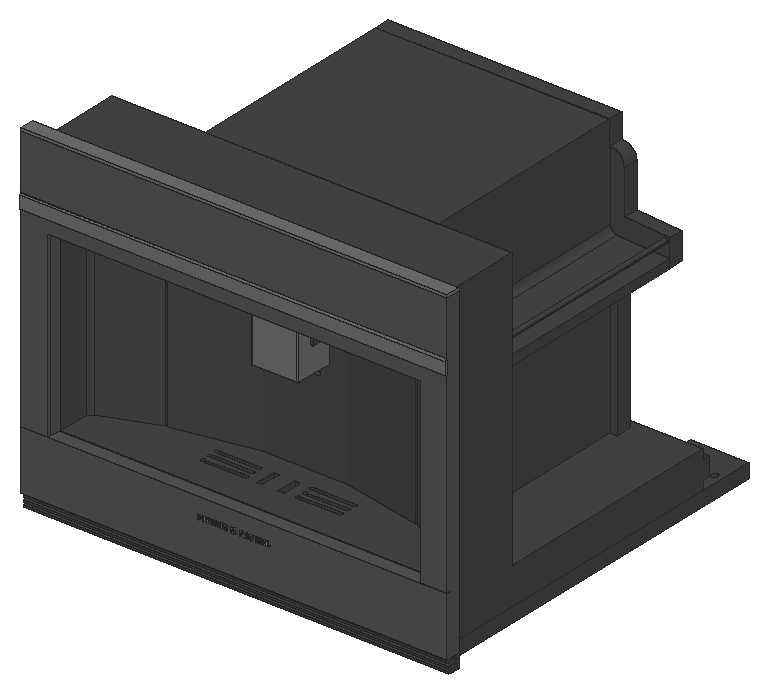
Revit family "FP_Revit_18_EB24DSXBB1_w_TK480NDB1_Coffee_Maker_w_24in_Trimkit_90000808A", category Specialty Equipment, Revit 2018
Family settings
  Round Connector Dimension = Use Diameter
  Part Type = Normal
  OmniClass Number = 23.40.40.14.17.31
  OmniClass Title = Small Specialized Cooking Equipment
  Work Plane-Based = No
  Always vertical = Yes
  Cut with Voids When Loaded = Yes
  Shared = No
  Room Calculation Point = No
Parameters (values of type "EB24DSXBB1 + TK480NDB1")
  Visibility - Clearance Required = yes
  URL = "www.fisherpaykel.com"
  Product - Width = 596 mm  # constant formula
  Product - Height = 478 mm  # constant formula
  Product - Depth = 614 mm  # constant formula
  Model = "EB24DSXBB1 + TK480NDB1"
  Material - Trim = Fisher & Paykel - Aluminium, Dark
  Material - Glass = Fisher & Paykel - Glass, Black
  Material - Body = Fisher & Paykel - Black
  Manufacturer = "Fisher & Paykel Appliances"
  FFL Offset [instance] = 900 mm
  Description = "24\" Coffee Maker + 24\" Trimkit"
  Connector Description - Electrical = "120 V, 60 Hz, 11.25 A"
  Chassis - Width = 560 mm  # constant formula
  Chassis - Height = 466 mm  # constant formula
  Chassis - Depth = 542 mm  # constant formula
  Cavity - Width = 560 mm  # constant formula
  Cavity - Height = 480 mm  # constant formula
  Cavity - Depth = 560 mm  # constant formula
Reference planes
  plane 1 "Datum": y = 0
  plane 2: z = 0
  plane 3 "Center (Left/Right)": x = 0
  plane 4: z = 1380
  plane 5: z = 1378
  plane 6 "Product LHS": x = -298
  plane 7 "Product RHS": x = 298
  plane 8 "Product - Depth": y = 0
  plane 9 "Cavity LHS": x = -300
  plane 10 "Cavity RHS": x = 300
  plane 11 "Cavity - Depth": y = 560
  plane 12 "Chassis - Height": z = 0
  plane 13 "Product Depth": y = 542
  plane 14 "FFL Offset": z = 900
  plane 15 "Front": y = -21.5
Forms (mm)
  Extrusion 1, void
    sketch origin (0, 0, 0) x (0, 1, 0) y (0, 0, 1)
      loop
        line (-21.5, 1380) -> (-21.5, 900) -> (0, 900) -> (0, 1380) -> (-21.5, 1380)
    from -300 to 300
  Extrusion 2, void
    sketch origin (0, 0, 0) x (0, 1, 0) y (0, 0, 1)
      loop
        line (560, 1380) -> (0, 1380) -> (0, 900) -> (560, 900) -> (560, 1380)
    from -280 to 280
Text (mm)
  text "Due to ongoing product development, product details are subject to change without notice. \nPlease always refer to www.fisherpaykel.com for the most current product information. \n© Fisher & Paykel 2020" at (41.04, -413.295, 0), in view "Ref. Level (Plan)"
Dimensions and locks
  equal spacing: plane 6 "Product LHS", plane 3 "Center (Left/Right)", plane 7 "Product RHS"
  "Product - Width": plane 6 "Product LHS" to plane 7 "Product RHS"
  equal spacing: plane 9 "Cavity LHS", plane 3 "Center (Left/Right)", plane 10 "Cavity RHS"
  locked: plane 9 "Cavity LHS" to plane 10 "Cavity RHS" at 600
  "Chassis - Depth": plane 1 "Datum" to plane 13 "Product Depth"
  "FFL Offset": plane 14 "FFL Offset" to level
  "Cavity - Depth": plane 1 "Datum" to plane 11 "Cavity - Depth"
  "Product - Height": plane 5 to plane 14 "FFL Offset"
  "Cavity - Height": plane 4 to plane 14 "FFL Offset"
  "Cavity - Width": Extrusion 2 to Extrusion 2
  aligned and locked: level to plane 2
  aligned and locked: nested 2 to plane 8 "Product - Depth"
  aligned and locked: Extrusion 1 sketch curve to plane 8 "Product - Depth"
  aligned and locked: plane 14 "FFL Offset" to Extrusion 1 sketch curve
  aligned and locked: Extrusion 1 sketch curve to plane 4
  aligned and locked: Extrusion 1 to plane 10 "Cavity RHS"
  aligned and locked: plane 9 "Cavity LHS" to Extrusion 1
  aligned and locked: Extrusion 2 sketch curve to plane 8 "Product - Depth"
  aligned and locked: Extrusion 2 sketch curve to plane 14 "FFL Offset"
  aligned and locked: plane 11 "Cavity - Depth" to Extrusion 2 sketch curve
  aligned and locked: Extrusion 2 sketch curve to nested 2
  aligned and locked: nested 1 to plane 8 "Product - Depth"
  aligned and locked: plane 15 "Front" to nested 2
  aligned and locked: Extrusion 1 to plane 15 "Front"
Automatic sketch dimensions
  Extrusion 1 sketch curve to Extrusion 1 sketch curve = 21.5 mm
Nested families
  nested 1: "FP_Revit_18_EB24DSXBB1_Coffee_Maker_90000808A" at (0, 0, 20), FFL Offset <- "FFL Offset", type "EB24DSXBB1"
    with FFL Offset 900 mm
  nested 2: "FP_Revit_18_TK480ND_Trimkits_90001188A" at (0, 0, 0), FFL Offset <- "FFL Offset", type "TK480NDB1"
    with FFL Offset 900 mm
Connectors
  electrical at (95.857, 430.81, 1063), driven by "Connector Description - Electrical"
    settings: on nested 1, index 1, voltage 120 V, apparent load 0 VA, apparent load phase1 0 VA, apparent load phase2 0 VA, apparent load phase3 0 VA, power factor 1, load classification "Other", number of poles 1, system type 30, power factor state 1, is connector primary yes, connector utility no, sub classification motor no, connector description "120 V, 60 Hz, 11.25 A"
Definition of nested family "FP_Revit_18_EB24DSXBB1_Coffee_Maker_90000808A"
  Parameters (values of type "EB24DSXB1")
    Visibility - Clearance Required = yes
    URL = "www.fisherpaykel.com"
    Product - Width = 596 mm  # constant formula
    Product - Height = 458 mm  # constant formula
    Product - Depth = 480 mm  # constant formula
    Model = "EB24DSXB1"
    Material - Trim = none
    Material - Glass = none
    Material - Body = none
    Manufacturer = "Fisher & Paykel Appliances"
    FFL Offset [instance] = 860 mm
    Description = "24cm Coffee Maker"
    Connector Description - Electrical = "120 V, 60 Hz, 11.25 A"
    Chassis - Width = 560 mm  # constant formula
    Chassis - Height = 445 mm  # constant formula
    Chassis - Depth = 460 mm  # constant formula
    Cavity - Width = 600 mm  # constant formula
    Cavity - Height = 460 mm  # constant formula
    Cavity - Depth = 545 mm  # constant formula
  Types (4, lengths in mm): name | Model | Description | Connector Description - Electrical
    EB60DSXBB1 | "EB60DSXBB1" | "60cm Coffee Maker" | "220-240 V, 50 Hz, 6.1 A"
    EB60DSXB2 | "EB60DSXB2" | "60cm Coffee Maker" | "220-240 V, 50 Hz, 6.1 A"
    EB24DSXBB1 | "EB24DSXBB1" | "24cm Coffee Maker" | "120 V, 60 Hz, 11.25 A"
    EB24DSXB1 | "EB24DSXB1" | "24cm Coffee Maker" | "120 V, 60 Hz, 11.25 A"
  Reference planes
    plane 1 "Center (Front/Back)": y = 0
    plane 2: z = 0
    plane 3 "Center (Left/Right)": x = 0
    plane 4: z = 1320
    plane 5: z = 1318
    plane 6 "Product LHS": x = -298
    plane 7 "Product RHS": x = 298
    plane 8 "Cavity LHS": x = -300
    plane 9 "Cavity RHS": x = 300
    plane 10 "Cavity - Depth": y = 545
    plane 11 "Front Face": y = -20
    plane 12 "Product Depth": y = 460
    plane 13 "FFL Offset": z = 860
  Forms (mm)
    Extrusion 1, solid, material <- "Material - Glass", detail levels fine
      sketch origin (0, 0, 915) x (0, 1, 0) y (0, 0, 1)
        loop
          line (0, -54) -> (0, 400) -> (-18.19, 400)
          arc (-18.19, 400) -> (-19.179, 399.792) -> (-20, 399.202) r 2.451
          line (-20, 399.202) -> (-20, 28.9) -> (-13, 28.9) -> (-13, 27.85) -> (-20, 27.85) -> (-20, -54) -> (0, -54)
      from -298 to 298
    Extrusion 2, solid, material <- "Material - Trim", detail levels fine
      sketch origin (0, 0, 0) x (0, 1, 0) y (0, 0, 1)
        loop
          line (0, 1318) -> (-20, 1318) -> (-20, 1315) -> (0, 1315) -> (0, 1318)
      from -298 to 298
    Extrusion 3, solid, material <- "Material - Trim", detail levels fine
      sketch origin (0, 0, 915) x (0, 1, 0) y (0, 0, 1)
        loop
          line (-20, 303) -> (-20, 322.8) -> (-20.827, 322.8) -> (-21.702, 320.52) -> (-21.702, 303) -> (-20, 303)
      from -298 to 298
    Extrusion 4, solid, material <- "Material - Body"
      sketch origin (0, 0, 0) x (0, 1, 0) y (0, 0, 1)
        loop
          line (116.01, 911.9) -> (116.01, 1305) -> (0, 1305) -> (0, 860) -> (450.02, 860) -> (450.02, 872.9) -> (460, 872.9) -> (460, 898.96) -> (450.02, 898.96) -> (450.02, 911.9) -> (116.01, 911.9)
      from -280 to 280
    Extrusion 5, solid, material <- "Material - Body", detail levels fine
      sketch origin (0, 0, 915) x (1, 0, 0) y (0, 0, 1)
        loop
          circle (255.488, 264.858) r 3
        loop
          arc (187.564, 248.08) -> (180.801, 250.881) -> (178, 257.644) r 9.564
          line (178, 257.644) -> (178, 390) -> (-150, 390) -> (-150, 258.403)
          arc (-150, 258.403) -> (-152.821, 251.442) -> (-159.691, 248.408) r 10
          line (-159.691, 248.408) -> (-261.967, 245.247) -> (-261.967, 232.285) -> (-159.605, 228.24)
          arc (-159.605, 228.24) -> (-152.791, 225.178) -> (-150, 218.248) r 10
          line (-150, 218.248) -> (-150, -3.1) -> (178, -3.1) -> (178, 219.061)
          arc (178, 219.061) -> (180.801, 225.824) -> (187.564, 228.625) r 9.564
          line (187.564, 228.625) -> (261.48, 231.852) -> (261.48, 244.856) -> (187.564, 248.08)
        loop
          circle (-255.488, 265.27) r 3
      from -415.81 to -116.01
    Extrusion 6, solid, material <- "Material - Body", detail levels fine
      sketch origin (0, 0, 0) x (1, 0, 0) y (0, 0, 1)
        loop
          line (261.48, 1185.549) -> (197.977, 1189.414) -> (197.977, 1250.8)
          arc (197.977, 1250.8) -> (192.126, 1264.926) -> (178, 1270.777) r 19.977
          line (178, 1270.777) -> (178, 1305) -> (-150.023, 1305) -> (-150.023, 1270.366)
          arc (-150.023, 1270.366) -> (-164.149, 1264.514) -> (-170, 1250.389) r 19.977
          line (-170, 1250.389) -> (-170, 1189.558) -> (-261.967, 1185.943) -> (-261.967, 1147.299) -> (-170, 1143.699) -> (-170, 860) -> (-120, 860) -> (-120, 1262.538) -> (145.224, 1262.538) -> (145.224, 911.9) -> (188.072, 911.9) -> (188.072, 1143.699) -> (261.48, 1146.905) -> (261.48, 1185.549)
      from -436.81 to -415.81
    Extrusion 7, void
      sketch origin (0, 0, 0) x (1, 0, 0) y (0, 1, 0)
        loop
          line (-261, -20.25) -> (261, -20.25) -> (261, -16.15) -> (258.097, 43.307)
          arc (258.097, 43.307) -> (256.532, 47.844) -> (252.912, 50.994) r 9.287
          arc (252.912, 50.994) -> (215.2, 66.982) -> (176.484, 80.359) r 600.007
          line (176.484, 80.359) -> (176.484, 87.818) -> (173.853, 87.818) -> (173.853, 81.162)
          arc (173.853, 81.162) -> (0, 106.902) -> (-173.853, 81.162) r 600.007
          line (-173.853, 81.162) -> (-173.853, 87.818) -> (-176.484, 87.818) -> (-176.484, 80.359)
          arc (-176.484, 80.359) -> (-215.2, 66.982) -> (-252.912, 50.994) r 600.007
          arc (-252.912, 50.994) -> (-256.532, 47.844) -> (-258.097, 43.307) r 9.287
          line (-258.097, 43.307) -> (-261, -16.15) -> (-261, -20.25)
      from 942.8 to 1197.8
    Extrusion 8, void
      sketch origin (0, 0, 0) x (1, 0, 0) y (0, 1, 0)
        loop
          arc (-96.162, 73.7) -> (-99.162, 70.7) -> (-96.162, 67.7) r 3
          line (-96.162, 67.7) -> (-36.788, 67.7)
          arc (-36.788, 67.7) -> (-33.788, 70.7) -> (-36.788, 73.7) r 3
          line (-36.788, 73.7) -> (-96.162, 73.7)
        loop
          arc (-96.162, 61.7) -> (-99.162, 58.7) -> (-96.162, 55.7) r 3
          line (-96.162, 55.7) -> (-36.788, 55.7)
          arc (-36.788, 55.7) -> (-33.788, 58.7) -> (-36.788, 61.7) r 3
          line (-36.788, 61.7) -> (-96.162, 61.7)
        loop
          arc (-96.162, 49.7) -> (-99.162, 46.7) -> (-96.162, 43.7) r 3
          line (-96.162, 43.7) -> (-36.788, 43.7)
          arc (-36.788, 43.7) -> (-33.788, 46.7) -> (-36.788, 49.7) r 3
          line (-36.788, 49.7) -> (-96.162, 49.7)
        loop
          line (-19.49, 73.102) -> (-19.49, 44.102) -> (-10.49, 44.102) -> (-10.49, 73.102) -> (-19.49, 73.102)
        loop
          line (96.162, 73.7) -> (36.788, 73.7)
          arc (36.788, 73.7) -> (33.788, 70.7) -> (36.788, 67.7) r 3
          line (36.788, 67.7) -> (96.162, 67.7)
          arc (96.162, 67.7) -> (99.162, 70.7) -> (96.162, 73.7) r 3
        loop
          line (96.162, 61.7) -> (36.788, 61.7)
          arc (36.788, 61.7) -> (33.788, 58.7) -> (36.788, 55.7) r 3
          line (36.788, 55.7) -> (96.162, 55.7)
          arc (96.162, 55.7) -> (99.162, 58.7) -> (96.162, 61.7) r 3
        loop
          line (96.162, 49.7) -> (36.788, 49.7)
          arc (36.788, 49.7) -> (33.788, 46.7) -> (36.788, 43.7) r 3
          line (36.788, 43.7) -> (96.162, 43.7)
          arc (96.162, 43.7) -> (99.162, 46.7) -> (96.162, 49.7) r 3
        loop
          line (19.49, 73.102) -> (10.49, 73.102) -> (10.49, 44.102) -> (19.49, 44.102) -> (19.49, 73.102)
      from 932.9 to 942.8
    Extrusion 9, solid, material <- "Material - Body"
      sketch origin (0, 0, 0) x (1, 0, 0) y (0, 1, 0)
        loop
          line (-238.877, 57.3) -> (238.036, 57.3) -> (238.036, 116.01) -> (-238.877, 116.01) -> (-238.877, 57.3)
      from 1171.8 to 1197.8
    Extrusion 10, solid, material <- "Material - Trim"
      sketch origin (0, 0, 0) x (1, 0, 0) y (0, 1, 0)
        loop
          line (-33, 105.99) -> (-33, 52.807)
          arc (-33, 52.807) -> (-32.412, 51.388) -> (-30.993, 50.8) r 2.007
          line (-30.993, 50.8) -> (31, 50.8)
          arc (31, 50.8) -> (32.414, 51.386) -> (33, 52.8) r 2
          line (33, 52.8) -> (33, 105.99) -> (-33, 105.99)
      from 1083.8 to 1183.5
    Extrusion 11, void
      sketch origin (0, 0, 0) x (1, 0, 0) y (0, 0, 1)
        loop
          line (-19.5, 1083.8) -> (-19.5, 1061.827) -> (19.5, 1061.827) -> (19.5, 1083.8) -> (-19.5, 1083.8)
      from -115 to -105
    Extrusion 12, solid, material <- "Material - Body", detail levels fine
      sketch origin (0, 0, 0) x (1, 0, 0) y (0, 0, 1)
        loop
          line (45.9, 1172.885) -> (45.9, 1163.535) -> (47.549, 1163.535) -> (47.549, 1147.911)
          arc (47.549, 1147.911) -> (55.35, 1140.11) -> (63.15, 1147.911) r 7.801
          line (63.15, 1147.911) -> (63.15, 1163.235) -> (73.436, 1163.235) -> (73.436, 1172.885) -> (45.9, 1172.885)
      from -106.934 to -61.01
    Extrusion 13, solid, material <- "Material - Body", detail levels fine
      sketch origin (0, 0, 915) x (1, 0, 0) y (0, 0, 1)
        loop
          line (53.653, 257.885) -> (53.653, 225.297)
          arc (53.653, 225.297) -> (55.35, 225.11) -> (57.047, 225.297) r 7.805
          line (57.047, 225.297) -> (57.047, 257.885) -> (53.653, 257.885)
      from -61.01 to -47.51
    Extrusion 14, solid, material <- "Material - Body", detail levels fine
      sketch origin (0, 0, 915) x (1, 0, 0) y (0, 0, 1)
        loop
          line (115.224, 76.056) -> (75.224, 76.056) -> (75.224, 21.056) -> (115.224, 21.056) -> (115.224, 76.056)
      from -417 to -415.81
    Extrusion 15, solid, material <- "Material - Body", detail levels fine
      sketch origin (0, 0, 915) x (1, 0, 0) y (0, 0, 1)
        loop
          line (107.224, 68.056) -> (83.224, 68.056) -> (83.224, 29.056) -> (107.224, 29.056) -> (107.224, 68.056)
      from -436.81 to -417
    Extrusion 16, solid, material <- "Material - Body", detail levels fine
      sketch origin (0, 0, 0) x (1, 0, 0) y (0, 1, 0)
        loop
          circle (95.857, 430.81) r 5
      from 983.056 to 1003
    Extrusion 17, void
      sketch origin (0, 0, 915) x (0, 1, 0) y (0, 0, 1)
        loop
          line (445.9, -19.903) -> (0, -19.903) -> (0, -55) -> (445.9, -55) -> (445.9, -19.903)
      from -54 to 54
    Extrusion 18, solid, detail levels fine
      sketch origin (0, 0, 0) x (1, 0, 0) y (0, 1, 0)
        loop
          line (-210.55, 31.63) -> (-210.55, 5.8) -> (-193.27, 5.8) -> (-193.27, 31.63) -> (-210.55, 31.63)
        loop
          line (-203.25, 13.924) -> (-203.25, 14.725)
          arc (-203.25, 14.725) -> (-201.75, 22.856) -> (-200.25, 14.725) r 4.204
          line (-200.25, 14.725) -> (-200.25, 13.924)
          arc (-200.25, 13.924) -> (-201.75, 23.687) -> (-203.25, 13.924) r 4.997
        loop
          line (-202.15, 17.61) -> (-202.15, 12.8) -> (-201.35, 12.8) -> (-201.35, 17.61) -> (-202.15, 17.61)
      from 1196.9 to 1197.8
    Extrusion 19, solid, visible <- "Visibility - Clearance Required", detail levels coarse
      sketch origin (0, 0, 0) x (1, 0, 0) y (0, 1, 0)
        loop
          line (-300, 0) -> (-300, -20) -> (300, -20) -> (300, 0) -> (-300, 0)
      from 860 to 1320
    Extrusion 20, solid, visible <- "Visibility - Clearance Required", detail levels coarse
      sketch origin (0, 0, 0) x (1, 0, 0) y (0, 1, 0)
        loop
          line (-280, 0) -> (280, 0) -> (280, 545) -> (-280, 545) -> (-280, 0)
      from 860 to 1310
    Extrusion 21, solid, material <- "Material - Body", detail levels coarse+medium
      sketch origin (0, -20, 915) x (-1, 0, 0) y (0, 0, 1)
        loop
          line (-197.977, 274.414) -> (-261.48, 274.414) -> (-261.48, 228.699) -> (-188.072, 228.699) -> (-188.072, -3.1) -> (170, -3.1) -> (170, 228.699) -> (261.967, 228.699) -> (261.967, 274.558) -> (170, 274.558) -> (170, 390.05) -> (-197.977, 390.05) -> (-197.977, 274.414)
      from 136.01 to 456.81
    Extrusion 22, solid, material <- "Material - Glass", detail levels coarse+medium
      sketch origin (0, 0, 915) x (1, 0, 0) y (0, 0, 1)
        loop
          line (-298, -54) -> (298, -54) -> (298, 403) -> (-298, 403) -> (-298, -54)
        loop
          line (261, 282.85) -> (-261, 282.85) -> (-261, 27.85) -> (261, 27.85) -> (261, 282.85)
      from 0 to 20
    Extrusion 23, void
      sketch origin (0, 0, 0) x (1, 0, 0) y (0, 1, 0)
        loop
          line (-280, 545) -> (-280, 0) -> (280, 0) -> (280, 545) -> (-280, 545)
      from 860 to 1310
    Extrusion 24, void
      sketch origin (0, 0, 0) x (1, 0, 0) y (0, 1, 0)
        loop
          line (-300, 0) -> (-300, -20) -> (300, -20) -> (300, 0) -> (-300, 0)
      from 860 to 1320
  Cuts and joins
    Extrusion 7 cuts Extrusion 1
    Extrusion 7, Extrusion 8, Extrusion 11, Extrusion 17 cuts Extrusion 4
    joined: Extrusion 4, Extrusion 9
  Lines and regions (mm)
    model lines, detail levels medium+fine
      curve 1: line (-47, -20, 1293.952) -> (47, -20, 1293.952)
      curve 2: line (-47, -20, 1240.952) -> (-47, -20, 1293.952)
      curve 3: line (47, -20, 1240.952) -> (-47, -20, 1240.952)
      curve 4: line (47, -20, 1293.952) -> (47, -20, 1240.952)
  Text (mm)
    text "Due to ongoing product development, product details are subject to change without notice. \nPlease always refer to www.fisherpaykel.com for the most current product information. \n© Fisher & Paykel 2020" at (41.04, -248.295, 0), in view "Ref. Level (Plan)"
  Dimensions and locks
    equal spacing: plane 6 "Product LHS", plane 3 "Center (Left/Right)", plane 7 "Product RHS"
    "Product - Width": plane 6 "Product LHS" to plane 7 "Product RHS"
    equal spacing: plane 8 "Cavity LHS", plane 3 "Center (Left/Right)", plane 9 "Cavity RHS"
    "Cavity - Width": plane 8 "Cavity LHS" to plane 9 "Cavity RHS"
    "Cavity - Depth": plane 10 "Cavity - Depth" to plane 1 "Center (Front/Back)"
    plane 11 "Front Face" to plane 1 "Center (Front/Back)" = 20 mm
    "Chassis - Depth": plane 1 "Center (Front/Back)" to plane 12 "Product Depth"
    "Product - Depth": plane 12 "Product Depth" to plane 11 "Front Face"
    "Chassis - Width": cut or joined group of Extrusion 4, Extrusion 7, Extrusion 8, Extrusion 9, Extrusion 11, Extrusion 17 to cut or joined group of Extrusion 4, Extrusion 7, Extrusion 8, Extrusion 9, Extrusion 11, Extrusion 17
    "FFL Offset": plane 13 "FFL Offset" to level
    "Chassis - Height": cut or joined group of Extrusion 4, Extrusion 7, Extrusion 8, Extrusion 9, Extrusion 11, Extrusion 17 to plane 13 "FFL Offset"
    "Product - Height": plane 5 to plane 13 "FFL Offset"
    "Cavity - Height": plane 4 to plane 13 "FFL Offset"
    locked: Extrusion 23 to plane 13 "FFL Offset" at 450
    locked: plane 5 to Extrusion 21 at 12.95
    locked: Extrusion 3 to plane 13 "FFL Offset" at 358
    locked: plane 13 "FFL Offset" to cut or joined group of Extrusion 1, Extrusion 7 at 1
    locked: plane 13 "FFL Offset" to cut or joined group of Extrusion 4, Extrusion 7, Extrusion 8, Extrusion 9, Extrusion 11, Extrusion 17 at 82.8
    locked: plane 13 "FFL Offset" to Extrusion 22 sketch curve at 337.85
    locked: cut or joined group of Extrusion 4, Extrusion 7, Extrusion 8, Extrusion 9, Extrusion 11, Extrusion 17 to plane 13 "FFL Offset" at 337.8
    locked: cut or joined group of Extrusion 4, Extrusion 7, Extrusion 8, Extrusion 9, Extrusion 11, Extrusion 17 to plane 13 "FFL Offset" at 51.9
    locked: plane 5 to Extrusion 3 at 100
    locked: plane 5 to Extrusion 22 at 120.15
    locked: plane 5 to Extrusion 22 at 375.15
    locked: Extrusion 16 to plane 13 "FFL Offset" at 143
    locked: cut or joined group of Extrusion 4, Extrusion 7, Extrusion 8, Extrusion 9, Extrusion 11, Extrusion 17 to cut or joined group of Extrusion 4, Extrusion 7, Extrusion 8, Extrusion 9, Extrusion 11, Extrusion 17 at 9.9
    locked: nested 1 to plane 13 "FFL Offset" at 61.04
    locked: Extrusion 10 to plane 13 "FFL Offset" at 323.5
    locked: Extrusion 10 to plane 13 "FFL Offset" at 223.8
    locked: cut or joined group of Extrusion 4, Extrusion 7, Extrusion 8, Extrusion 9, Extrusion 11, Extrusion 17 to plane 13 "FFL Offset" at 201.827
    locked: cut or joined group of Extrusion 4, Extrusion 7, Extrusion 8, Extrusion 9, Extrusion 11, Extrusion 17 to plane 13 "FFL Offset" at 311.8
    locked: Extrusion 12 to plane 13 "FFL Offset" at 312.885
    locked: Extrusion 22 to Extrusion 18 at 0.95
    locked: plane 5 to Extrusion 23 at 8
    locked: Extrusion 17 sketch curve to plane 13 "FFL Offset" at 35.097
    plane 5 to curve 3 = 77.048 mm
    locked: plane 5 to curve 1 at 24.048
    locked: Extrusion 15 to plane 13 "FFL Offset" at 84.056
    locked: Extrusion 15 to plane 13 "FFL Offset" at 123.056
    locked: plane 5 to curve 3 at 77.048
    aligned and locked: level to plane 2
    aligned and locked: Extrusion 3 to plane 7 "Product RHS"
    aligned and locked: plane 6 "Product LHS" to Extrusion 3
    aligned and locked: Extrusion 2 to plane 7 "Product RHS"
    aligned and locked: plane 6 "Product LHS" to Extrusion 2
    aligned and locked: plane 6 "Product LHS" to Extrusion 1
    aligned and locked: Extrusion 1 to plane 7 "Product RHS"
    aligned and locked: plane 9 "Cavity RHS" to Extrusion 19 sketch curve
    aligned and locked: Extrusion 19 sketch curve to plane 8 "Cavity LHS"
    aligned and locked: plane 1 "Center (Front/Back)" to Extrusion 19 sketch curve
    aligned and locked: Extrusion 5 to cut or joined group of Extrusion 4, Extrusion 7, Extrusion 8, Extrusion 9, Extrusion 11, Extrusion 17
    aligned and locked: Extrusion 5 to Extrusion 4
    aligned and locked: Extrusion 6 to Extrusion 5
    aligned and locked: plane 4 to Extrusion 24
    aligned and locked: plane 5 to Extrusion 2
    aligned and locked: Extrusion 24 to Extrusion 19
    aligned and locked: plane 5 to Extrusion 22 sketch curve
    aligned and locked: Extrusion 21 to Extrusion 5
    aligned and locked: Extrusion 5 to Extrusion 6
    aligned and locked: Extrusion 8 to Extrusion 7
    aligned and locked: Extrusion 11 to Extrusion 10
    aligned and locked: cut or joined group of Extrusion 1, Extrusion 7 to Extrusion 18
    aligned and locked: Extrusion 19 to Extrusion 17
    aligned and locked: plane 13 "FFL Offset" to Extrusion 4 sketch curve
    aligned and locked: Extrusion 4 to Extrusion 17
    aligned and locked: Extrusion 23 to cut or joined group of Extrusion 4, Extrusion 7, Extrusion 8, Extrusion 9, Extrusion 11, Extrusion 17
    aligned and locked: cut or joined group of Extrusion 4, Extrusion 7, Extrusion 8, Extrusion 9, Extrusion 11, Extrusion 17 to Extrusion 6
    aligned and locked: Extrusion 24 to cut or joined group of Extrusion 4, Extrusion 7, Extrusion 8, Extrusion 9, Extrusion 11, Extrusion 17
    aligned and locked: Extrusion 20 to Extrusion 23
    aligned and locked: Extrusion 20 to Extrusion 6
    aligned and locked: Extrusion 7 to Extrusion 9
    aligned and locked: Extrusion 16 to Extrusion 15
  Automatic sketch dimensions
    Extrusion 3 sketch curve to Extrusion 3 sketch curve = 17.52 mm
    Extrusion 3 sketch curve to Extrusion 3 sketch curve = 0.875 mm
    Extrusion 3 sketch curve to Extrusion 3 sketch curve = 0.827 mm
    Extrusion 3 sketch curve to Extrusion 3 sketch curve = 2.28 mm
    Extrusion 7 sketch curve to Extrusion 7 sketch curve = 0 mm  (x4)
    Extrusion 7 sketch curve to plane 3 "Center (Left/Right)" = 0 mm
    Extrusion 7 sketch curve to plane 6 "Product LHS" = 124.147 mm
    Extrusion 7 sketch curve to Extrusion 7 sketch curve = 2.63 mm  (x2)
    Extrusion 7 sketch curve to plane 6 "Product LHS" = 49.167 mm
    Extrusion 7 sketch curve to Extrusion 7 sketch curve = 9.264 mm  (x2)
    Extrusion 7 sketch curve to plane 6 "Product LHS" = 37 mm
    plane 7 "Product RHS" to Extrusion 7 sketch curve = 124.147 mm
    plane 7 "Product RHS" to Extrusion 7 sketch curve = 49.167 mm
    plane 1 "Center (Front/Back)" to Extrusion 7 sketch curve = 16.15 mm
    plane 7 "Product RHS" to Extrusion 7 sketch curve = 37 mm
    plane 1 "Center (Front/Back)" to Extrusion 7 sketch curve = 493.105 mm
    Extrusion 7 sketch curve to plane 1 "Center (Front/Back)" = 42.65 mm  (x2)
    Extrusion 7 sketch curve to Extrusion 7 sketch curve = 0.657 mm  (x2)
    Extrusion 7 sketch curve to plane 1 "Center (Front/Back)" = 80.359 mm  (x2)
    Extrusion 7 sketch curve to Extrusion 7 sketch curve = 0.803 mm
    Extrusion 7 sketch curve to Extrusion 7 sketch curve = 6.656 mm  (x2)
    Extrusion 7 sketch curve to Extrusion 7 sketch curve = 4.1 mm  (x2)
    Extrusion 8 sketch curve to plane 3 "Center (Left/Right)" = 96.162 mm
    Extrusion 8 sketch curve to Extrusion 8 sketch curve = 0 mm  (x9)
    Extrusion 8 sketch curve to plane 3 "Center (Left/Right)" = 36.788 mm
    Extrusion 8 sketch curve to Extrusion 8 sketch curve = 17.298 mm  (x3)
    Extrusion 8 sketch curve to Extrusion 8 sketch curve = 9 mm  (x2)
    plane 3 "Center (Left/Right)" to Extrusion 8 sketch curve = 10.49 mm
    Extrusion 8 sketch curve to Extrusion 8 sketch curve = 59.375 mm
    Extrusion 8 sketch curve to plane 1 "Center (Front/Back)" = 43.7 mm  (x2)
    Extrusion 8 sketch curve to Extrusion 8 sketch curve = 0.402 mm
    Extrusion 8 sketch curve to Extrusion 8 sketch curve = 3 mm  (x6)
    Extrusion 8 sketch curve to Extrusion 8 sketch curve = 6 mm  (x4)
    Extrusion 8 sketch curve to Extrusion 8 sketch curve = 0.598 mm
    Extrusion 10 sketch curve to Extrusion 10 sketch curve = 2.007 mm
    Extrusion 10 sketch curve to Extrusion 10 sketch curve = 53.19 mm
    Extrusion 11 sketch curve to plane 3 "Center (Left/Right)" = 19.5 mm
    plane 3 "Center (Left/Right)" to Extrusion 11 sketch curve = 19.5 mm
    level to Extrusion 11 sketch curve = 1061.827 mm
    Extrusion 11 sketch curve to Extrusion 11 sketch curve = 21.973 mm
    Extrusion 12 sketch curve to Extrusion 12 sketch curve = 1.649 mm
    Extrusion 12 sketch curve to Extrusion 12 sketch curve = 7.801 mm
    Extrusion 12 sketch curve to Extrusion 12 sketch curve = 10.286 mm
    Extrusion 12 sketch curve to Extrusion 12 sketch curve = 15.324 mm
    Extrusion 12 sketch curve to Extrusion 12 sketch curve = 0.3 mm
    Extrusion 12 sketch curve to Extrusion 12 sketch curve = 9.35 mm
    Extrusion 13 sketch curve to Extrusion 13 sketch curve = 1.697 mm
    Extrusion 13 sketch curve to Extrusion 13 sketch curve = 7.618 mm
    Extrusion 13 sketch curve to Extrusion 13 sketch curve = 24.97 mm
    Extrusion 13 sketch curve to Extrusion 13 sketch curve = 3.394 mm
    Extrusion 14 sketch curve to Extrusion 14 sketch curve = 40 mm
    Extrusion 14 sketch curve to Extrusion 14 sketch curve = 55 mm
    Extrusion 15 sketch curve to Extrusion 15 sketch curve = 24 mm
    Extrusion 15 sketch curve to Extrusion 15 sketch curve = 39 mm
    level to Extrusion 17 sketch curve = 860 mm
    Extrusion 17 sketch curve to plane 1 "Center (Front/Back)" = 0 mm
    Extrusion 18 sketch curve to Extrusion 18 sketch curve = 7.3 mm
    Extrusion 18 sketch curve to Extrusion 18 sketch curve = 1.1 mm  (x2)
    Extrusion 18 sketch curve to Extrusion 18 sketch curve = 0.4 mm
    Extrusion 18 sketch curve to Extrusion 18 sketch curve = 0 mm
    Extrusion 18 sketch curve to Extrusion 18 sketch curve = 0.8 mm
    Extrusion 18 sketch curve to Extrusion 18 sketch curve = 8.08 mm
    Extrusion 18 sketch curve to Extrusion 18 sketch curve = 7 mm
    Extrusion 18 sketch curve to Extrusion 18 sketch curve = 1.124 mm
    Extrusion 18 sketch curve to Extrusion 18 sketch curve = 0.801 mm
    Extrusion 18 sketch curve to Extrusion 18 sketch curve = 2.885 mm
    Extrusion 18 sketch curve to Extrusion 18 sketch curve = 1.042 mm
    Extrusion 18 sketch curve to Extrusion 18 sketch curve = 0.038 mm
    Extrusion 18 sketch curve to Extrusion 18 sketch curve = 12.94 mm
    Extrusion 9 sketch curve to plane 6 "Product LHS" = 59.123 mm
    Extrusion 9 sketch curve to plane 1 "Center (Front/Back)" = 57.3 mm
    plane 7 "Product RHS" to Extrusion 9 sketch curve = 59.964 mm
    Extrusion 9 sketch curve to Extrusion 9 sketch curve = 58.71 mm
    plane 1 "Center (Front/Back)" to Extrusion 19 sketch curve = 20 mm
    Extrusion 17 sketch curve to plane 10 "Cavity - Depth" = 99.1 mm
    Extrusion 6 sketch curve to plane 6 "Product LHS" = 36.033 mm
    level to Extrusion 6 sketch curve = 860 mm
    Extrusion 6 sketch curve to plane 6 "Product LHS" = 128 mm
    Extrusion 6 sketch curve to Extrusion 6 sketch curve = 0 mm
    Extrusion 6 sketch curve to Extrusion 6 sketch curve = 19.977 mm
    Extrusion 6 sketch curve to Extrusion 6 sketch curve = 30.023 mm
    level to Extrusion 6 sketch curve = 911.9 mm
    plane 3 "Center (Left/Right)" to Extrusion 6 sketch curve = 145.224 mm
    Extrusion 6 sketch curve to plane 5 = 13 mm
    Extrusion 6 sketch curve to Extrusion 6 sketch curve = 32.776 mm
    Extrusion 6 sketch curve to Extrusion 6 sketch curve = 10.072 mm
    Extrusion 6 sketch curve to Extrusion 6 sketch curve = 9.905 mm
    plane 7 "Product RHS" to Extrusion 6 sketch curve = 36.52 mm
    Extrusion 6 sketch curve to Extrusion 6 sketch curve = 161.301 mm  (x2)
    Extrusion 6 sketch curve to Extrusion 6 sketch curve = 3.205 mm
    Extrusion 6 sketch curve to Extrusion 6 sketch curve = 3.6 mm
    Extrusion 6 sketch curve to Extrusion 6 sketch curve = 38.645 mm
    Extrusion 6 sketch curve to Extrusion 6 sketch curve = 38.644 mm
    Extrusion 6 sketch curve to Extrusion 6 sketch curve = 45.715 mm
    Extrusion 6 sketch curve to Extrusion 6 sketch curve = 45.858 mm
    Extrusion 6 sketch curve to Extrusion 6 sketch curve = 54.611 mm
    Extrusion 6 sketch curve to Extrusion 6 sketch curve = 54.2 mm
    Extrusion 6 sketch curve to Extrusion 6 sketch curve = 7.828 mm
    Extrusion 5 sketch curve to plane 6 "Product LHS" = 36.033 mm
    Extrusion 5 sketch curve to Extrusion 5 sketch curve = 6.478 mm
    Extrusion 5 sketch curve to Extrusion 5 sketch curve = 95.488 mm
    Extrusion 5 sketch curve to Extrusion 5 sketch curve = 0.309 mm  (x2)
    Extrusion 5 sketch curve to Extrusion 5 sketch curve = 0.395 mm
    Extrusion 5 sketch curve to Extrusion 5 sketch curve = 10 mm  (x2)
    plane 7 "Product RHS" to Extrusion 5 sketch curve = 120 mm  (x2)
    Extrusion 5 sketch curve to plane 5 = 13 mm
    Extrusion 5 sketch curve to Extrusion 5 sketch curve = 9.564 mm  (x2)
    plane 7 "Product RHS" to Extrusion 5 sketch curve = 42.512 mm
    Extrusion 5 sketch curve to Extrusion 5 sketch curve = 5.992 mm
    Extrusion 5 sketch curve to Extrusion 5 sketch curve = 171.752 mm
    Extrusion 5 sketch curve to Extrusion 5 sketch curve = 170.939 mm
    Extrusion 5 sketch curve to Extrusion 5 sketch curve = 3.227 mm
    Extrusion 5 sketch curve to Extrusion 5 sketch curve = 4.045 mm
    Extrusion 5 sketch curve to Extrusion 5 sketch curve = 13.004 mm
    Extrusion 5 sketch curve to Extrusion 5 sketch curve = 12.962 mm
    Extrusion 5 sketch curve to Extrusion 5 sketch curve = 20.168 mm
    Extrusion 5 sketch curve to Extrusion 5 sketch curve = 19.455 mm
    Extrusion 5 sketch curve to Extrusion 5 sketch curve = 20.001 mm
    Extrusion 5 sketch curve to Extrusion 5 sketch curve = 20.023 mm
    Extrusion 20 sketch curve to plane 10 "Cavity - Depth" = 0 mm
    plane 1 "Center (Front/Back)" to Extrusion 20 sketch curve = 0 mm
    Extrusion 20 sketch curve to plane 6 "Product LHS" = 18 mm
    plane 7 "Product RHS" to Extrusion 20 sketch curve = 18 mm
    level to Extrusion 5 sketch curve = 911.9 mm
    Extrusion 21 sketch curve to plane 5 = 12.95 mm
    plane 7 "Product RHS" to Extrusion 21 sketch curve = 100.023 mm
    Extrusion 21 sketch curve to Extrusion 21 sketch curve = 9.905 mm
    level to Extrusion 21 sketch curve = 911.9 mm
    Extrusion 21 sketch curve to plane 6 "Product LHS" = 128 mm  (x2)
    Extrusion 21 sketch curve to plane 6 "Product LHS" = 36.033 mm
    Extrusion 21 sketch curve to Extrusion 21 sketch curve = 161.351 mm  (x2)
    Extrusion 21 sketch curve to Extrusion 21 sketch curve = 45.858 mm
    plane 7 "Product RHS" to Extrusion 21 sketch curve = 36.52 mm
    Extrusion 21 sketch curve to Extrusion 21 sketch curve = 45.715 mm
    Extrusion 1 sketch curve to plane 11 "Front Face" = 0 mm  (x2)
    Extrusion 1 sketch curve to plane 1 "Center (Front/Back)" = 0 mm
    plane 11 "Front Face" to Extrusion 1 sketch curve = 1.81 mm
    plane 11 "Front Face" to Extrusion 1 sketch curve = 7 mm
    level to Extrusion 1 sketch curve = 861 mm
    Extrusion 1 sketch curve to Extrusion 1 sketch curve = 81.85 mm
    Extrusion 1 sketch curve to Extrusion 1 sketch curve = 1.05 mm
    Extrusion 1 sketch curve to plane 5 = 3 mm
    Extrusion 1 sketch curve to Extrusion 1 sketch curve = 2.451 mm
    Extrusion 23 sketch curve to plane 1 "Center (Front/Back)" = 0 mm
    plane 10 "Cavity - Depth" to Extrusion 23 sketch curve = 0 mm
    Extrusion 23 sketch curve to plane 6 "Product LHS" = 18 mm
    plane 7 "Product RHS" to Extrusion 23 sketch curve = 18 mm
    Extrusion 24 sketch curve to plane 8 "Cavity LHS" = 0 mm
    Extrusion 24 sketch curve to plane 9 "Cavity RHS" = 0 mm
    Extrusion 24 sketch curve to plane 1 "Center (Front/Back)" = 0 mm
    Extrusion 24 sketch curve to plane 11 "Front Face" = 0 mm
    Extrusion 2 sketch curve to plane 11 "Front Face" = 0 mm
    Extrusion 2 sketch curve to plane 1 "Center (Front/Back)" = 0 mm
    plane 13 "FFL Offset" to Extrusion 2 sketch curve = 455 mm
    Extrusion 2 sketch curve to Extrusion 2 sketch curve = 3 mm
    Extrusion 10 sketch curve to Extrusion 10 sketch curve = 61.993 mm
    Extrusion 10 sketch curve to Extrusion 10 sketch curve = 2 mm
    plane 6 "Product LHS" to Extrusion 22 sketch curve = 0 mm
    plane 7 "Product RHS" to Extrusion 22 sketch curve = 0 mm
    Extrusion 22 sketch curve to plane 6 "Product LHS" = 37 mm
    plane 7 "Product RHS" to Extrusion 22 sketch curve = 37 mm
    plane 13 "FFL Offset" to Extrusion 22 sketch curve = 82.85 mm
    plane 13 "FFL Offset" to Extrusion 22 sketch curve = 1 mm
    Extrusion 3 sketch curve to plane 11 "Front Face" = 0 mm
    Extrusion 3 sketch curve to plane 5 = 100 mm
    Extrusion 10 sketch curve to plane 3 "Center (Left/Right)" = 33 mm
    Extrusion 10 sketch curve to plane 1 "Center (Front/Back)" = 50.8 mm
    plane 3 "Center (Left/Right)" to Extrusion 12 sketch curve = 45.9 mm
    Extrusion 12 sketch curve to plane 5 = 170.089 mm
    plane 3 "Center (Left/Right)" to Extrusion 13 sketch curve = 53.653 mm
    Extrusion 13 sketch curve to plane 5 = 177.703 mm
    plane 3 "Center (Left/Right)" to Extrusion 14 sketch curve = 75.224 mm
    plane 13 "FFL Offset" to Extrusion 14 sketch curve = 76.056 mm
    plane 3 "Center (Left/Right)" to Extrusion 15 sketch curve = 83.224 mm
    plane 13 "FFL Offset" to Extrusion 15 sketch curve = 84.056 mm
    Extrusion 16 sketch curve to plane 12 "Product Depth" = 29.19 mm
    plane 3 "Center (Left/Right)" to Extrusion 16 sketch curve = 95.857 mm
    Extrusion 18 sketch curve to plane 1 "Center (Front/Back)" = 5.8 mm
    Extrusion 18 sketch curve to plane 6 "Product LHS" = 87.45 mm
    Extrusion 4 sketch curve to plane 1 "Center (Front/Back)" = 0 mm
    Extrusion 4 sketch curve to plane 12 "Product Depth" = 0 mm
    Extrusion 4 sketch curve to plane 5 = 13 mm
    Extrusion 4 sketch curve to plane 1 "Center (Front/Back)" = 116.01 mm
    Extrusion 4 sketch curve to plane 12 "Product Depth" = 9.98 mm
    Extrusion 4 sketch curve to Extrusion 4 sketch curve = 9.98 mm
    plane 13 "FFL Offset" to Extrusion 4 sketch curve = 12.9 mm
    Extrusion 4 sketch curve to Extrusion 4 sketch curve = 26.06 mm
    plane 13 "FFL Offset" to Extrusion 4 sketch curve = 51.9 mm
    plane 3 "Center (Left/Right)" to curve 1 = 47 mm
    curve 3 to plane 3 "Center (Left/Right)" = 47 mm
    radius of Extrusion 16 sketch curve = 5 mm
    radius of Extrusion 5 sketch curve = 3 mm  (x2)
  Nested families
    nested 1: "F&P Logo 100mm" at (0, -20, 915), type "F&P Logo 100mm", detail levels fine
  Connectors
    electrical at (95.857, 430.81, 1003), driven by "Connector Description - Electrical"
      settings: on Extrusion 16, index 1, voltage 120 V, apparent load 0 VA, apparent load phase1 0 VA, apparent load phase2 0 VA, apparent load phase3 0 VA, power factor 1, load classification none, number of poles 1, system type 30, power factor state 1, is connector primary yes, connector utility no, sub classification motor no, connector description "120 V, 60 Hz, 11.25 A"
  Definition of nested family "F&P Logo 100mm"
    Parameters (values of type "F&P Logo 100mm")
      URL = "www.fisherpaykel.com"
      Material - Logo = none
      Manufacturer = "Fisher & Paykel Appliances"
    Reference planes
      plane 1 "Center (Front/Back)": y = 0
      plane 2: z = 0
      plane 3 "Center (Left/Right)": x = 0
    Forms (mm)
      Extrusion 1, solid, material <- "Material - Logo", detail levels fine
        sketch origin (0, 0, 0) x (1, 0, 0) y (0, 0, 1)
          loop
            line (-50.044, 0) -> (-48.47, 0) -> (-48.47, 2.138) -> (-46.011, 2.138) -> (-46.011, 3.472) -> (-48.47, 3.472) -> (-48.47, 4.712) -> (-45.795, 4.712) -> (-45.795, 6.04) -> (-50.044, 6.04) -> (-50.044, 0)
          loop
            line (-42.804, 6.04) -> (-42.804, 0) -> (-41.23, 0) -> (-41.23, 6.04) -> (-42.804, 6.04)
          loop
            line (-30.724, 6.04) -> (-30.724, 0) -> (-29.151, 0) -> (-29.151, 2.42) -> (-26.839, 2.42) -> (-26.839, 0) -> (-25.265, 0) -> (-25.265, 6.04) -> (-26.839, 6.04) -> (-26.839, 3.748) -> (-29.151, 3.748) -> (-29.151, 6.04) -> (-30.724, 6.04)
          loop
            line (-21.906, 6.04) -> (-21.906, 0) -> (-17.602, 0) -> (-17.602, 1.328) -> (-20.347, 1.328) -> (-20.347, 2.42) -> (-17.838, 2.42) -> (-17.838, 3.748) -> (-20.347, 3.748) -> (-20.347, 4.712) -> (-17.602, 4.712) -> (-17.602, 6.04) -> (-21.906, 6.04)
          loop
            line (45.667, 6.04) -> (45.667, 0) -> (49.956, 0) -> (49.956, 1.328) -> (47.241, 1.328) -> (47.241, 6.04) -> (45.667, 6.04)
          loop
            line (42.431, 6.04) -> (38.112, 6.04) -> (38.112, 0) -> (42.431, 0) -> (42.431, 1.328) -> (39.687, 1.328) -> (39.687, 2.42) -> (42.195, 2.42) -> (42.195, 3.748) -> (39.687, 3.748) -> (39.687, 4.712) -> (42.431, 4.712) -> (42.431, 6.04)
          loop
            line (33.451, 3.148) -> (35.683, 6.04) -> (33.844, 6.04) -> (31.915, 3.542) -> (31.915, 6.04) -> (30.342, 6.04) -> (30.342, 0) -> (31.915, 0) -> (31.915, 2.705) -> (33.903, 0) -> (35.763, 0) -> (33.451, 3.148)
          loop
            line (21.98, 6.04) -> (24.262, 2.42) -> (24.262, 0) -> (25.837, 0) -> (25.837, 2.341) -> (28.119, 6.04) -> (26.446, 6.04) -> (25.099, 3.707) -> (23.753, 6.04) -> (21.98, 6.04)
          loop
            line (18.479, 6.04) -> (16.983, 6.04) -> (14.524, 0) -> (16.069, 0) -> (16.501, 1.112) -> (18.921, 1.112) -> (19.354, 0) -> (20.938, 0) -> (18.479, 6.04)
          loop
            line (18.4, 2.439) -> (17.693, 4.174) -> (17.018, 2.439) -> (18.4, 2.439)
          loop
            line (8.031, 6.04) -> (8.031, 0) -> (9.605, 0) -> (9.605, 1.938) -> (10.599, 1.938)
            arc (10.599, 1.938) -> (12.65, 3.989) -> (10.599, 6.04) r 2.051
            line (10.599, 6.04) -> (8.031, 6.04)
          loop
            line (9.605, 4.712) -> (9.605, 3.197) -> (10.501, 3.197)
            arc (10.501, 3.197) -> (11.259, 3.954) -> (10.501, 4.712) r 0.757
            line (10.501, 4.712) -> (9.605, 4.712)
          loop
            line (-11.783, 6.04) -> (-14.366, 6.04) -> (-14.366, 0) -> (-12.792, 0) -> (-12.792, 1.336) -> (-11.992, 1.336) -> (-10.972, 0) -> (-9.153, 0) -> (-10.694, 1.973)
            arc (-10.694, 1.973) -> (-9.678, 4.424) -> (-11.783, 6.04) r 2.179
          loop
            line (-11.897, 4.712) -> (-12.792, 4.712) -> (-12.792, 3.053) -> (-11.897, 3.053)
            arc (-11.897, 3.053) -> (-11.068, 3.882) -> (-11.897, 4.712) r 0.83
          loop
            line (0.477, 4.712) -> (0.477, 6.153) -> (-3.575, 6.153) -> (-3.575, 4.851) -> (-2.974, 4.112)
            arc (-2.974, 4.112) -> (-3.51, 0.684) -> (-0.045, 0.512) r 2.334
            line (-0.045, 0.512) -> (0.46, -0.109) -> (2.246, -0.109) -> (0.86, 1.594) -> (2.061, 3.324) -> (0.443, 3.324) -> (-0.013, 2.667) -> (-1.677, 4.712) -> (0.477, 4.712)
          loop
            arc (-2.125, 3.068) -> (-2.269, 1.668) -> (-0.868, 1.524) r 0.996
            line (-0.868, 1.524) -> (-2.125, 3.068)
          loop
            line (-35.18, 3.634) -> (-36.516, 3.91)
            arc (-36.516, 3.91) -> (-37.049, 4.443) -> (-36.516, 4.976) r 0.533
            arc (-36.516, 4.976) -> (-35.235, 4.79) -> (-34.059, 4.248) r 4.505
            line (-34.059, 4.248) -> (-34.059, 5.743)
            arc (-34.059, 5.743) -> (-35.549, 6.179) -> (-37.1, 6.109) r 4.726
            arc (-37.1, 6.109) -> (-38.536, 4.335) -> (-37.1, 2.561) r 1.814
            line (-37.1, 2.561) -> (-35.754, 2.282)
            arc (-35.754, 2.282) -> (-35.221, 1.749) -> (-35.754, 1.216) r 0.533
            arc (-35.754, 1.216) -> (-37.035, 1.402) -> (-38.211, 1.945) r 4.505
            line (-38.211, 1.945) -> (-38.211, 0.449)
            arc (-38.211, 0.449) -> (-36.72, 0.013) -> (-35.169, 0.083) r 4.726
            arc (-35.169, 0.083) -> (-33.734, 1.863) -> (-35.18, 3.634) r 1.814
        from 0 to 0.8
    Dimensions and locks
      aligned and locked: level to plane 2
Definition of nested family "FP_Revit_18_TK480ND_Trimkits_90001188A"
  Parameters (values of type "TK480NDB1")
    Visibility - Clearance Required = yes
    URL = "www.fisherpaykel.com"
    Product - Width = 596 mm  # constant formula
    Product - Height = 478 mm  # constant formula
    Product - Depth = 551.5 mm  # constant formula
    Model = "TK480NDB1"
    Material - Body = none
    Manufacturer = "Fisher & Paykel Appliances"
    FFL Offset [instance] = 860 mm
    Description = "24\"/60cm Trim Kit"
    Chassis - Width = 560 mm  # constant formula
    Chassis - Height = 20 mm  # constant formula
    Chassis - Depth = 530 mm  # constant formula
    Cavity - Width = 600 mm  # constant formula
    Cavity - Height = 480 mm  # constant formula
    Cavity - Depth = 560 mm  # constant formula
  Reference planes
    plane 1 "Center (Front/Back)": y = 0
    plane 2: z = 0
    plane 3 "Center (Left/Right)": x = 0
    plane 4 "Cavity - Height": z = 1340
    plane 5 "Product - Height": z = 1338
    plane 6 "Product - Depth": y = 530
    plane 7 "Cavity - Depth": y = 560
    plane 8 "Chassis - Height": z = 880
    plane 9 "FFL Offset": z = 860
    plane 10 "Product - RHS": x = 298
    plane 11 "Cavity - RHS": x = 300
    plane 12 "Product - LHS": x = -298
    plane 13 "Cavity - LHS": x = -300
    plane 14 "Front - Face": y = -21.5
  Forms (mm)
    Extrusion 1, solid, material <- "Material - Body"
      sketch origin (0, 23.5, 0) x (1, 0, 0) y (0, 0, 1)
        loop
          line (280, 880) -> (200, 880) -> (200, 861) -> (176, 861) -> (176, 860) -> (280, 860) -> (280, 880)
        loop
          line (-280, 880) -> (-280, 860) -> (-176, 860) -> (-176, 861) -> (-200, 861) -> (-200, 880) -> (-280, 880)
      from -506.5 to 0
    Extrusion 2, solid, material <- "Material - Body", detail levels fine
      sketch origin (0, 23.5, 15) x (0, 1, 0) y (0, 0, 1)
        loop
          line (-23.654, 865) -> (-39.5, 861.049) -> (-39.5, 858.901) -> (-26, 862.392) -> (-26, 858.092) -> (-39.5, 854.601) -> (-39.5, 852.601) -> (-26, 856.092) -> (-26, 851.848) -> (-39.5, 848.356) -> (-39.5, 846.348) -> (-34.47, 845) -> (0, 845) -> (0, 865) -> (-23.654, 865)
      from -298 to 298
    Extrusion 3, void
      sketch origin (0, 23.5, 0) x (1, 0, 0) y (0, 1, 0)
        loop
          circle (-270, 70) r 5
        loop
          circle (-270, 460) r 5
        loop
          circle (270, 70) r 5
        loop
          circle (270, 460) r 5
      from 860 to 880
    Extrusion 4, void
      sketch origin (0, 23.5, 0) x (0, 1, 0) y (0, 0, 1)
        loop
          circle (460, 870) r 5
        loop
          circle (70, 870) r 5
      from -225 to 225
    Extrusion 5, solid, visible <- "Visibility - Clearance Required", detail levels coarse
      sketch origin (0, 0, 0) x (1, 0, 0) y (0, 1, 0)
        loop
          line (-280, 0) -> (280, 0) -> (280, 560) -> (-280, 560) -> (-280, 0)
      from 860 to 1330
    Extrusion 6, solid, visible <- "Visibility - Clearance Required", detail levels coarse
      sketch origin (0, 0, 0) x (1, 0, 0) y (0, 1, 0)
        loop
          line (-300, 0) -> (-300, -21.5) -> (300, -21.5) -> (300, 0) -> (-300, 0)
      from 860 to 1340
    Extrusion 7, void
      sketch origin (0, 0, 0) x (1, 0, 0) y (0, 1, 0)
        loop
          line (-280, 560) -> (-280, 0) -> (280, 0) -> (280, 560) -> (-280, 560)
      from 860 to 1330
    Extrusion 8, void
      sketch origin (0, 0, 0) x (1, 0, 0) y (0, 1, 0)
        loop
          line (-300, -21.5) -> (300, -21.5) -> (300, 0) -> (-300, 0) -> (-300, -21.5)
      from 860 to 1340
    Extrusion 9, solid, material <- "Material - Body", detail levels coarse+medium
      sketch origin (0, 23.5, 0) x (0, 1, 0) y (0, 0, 1)
        loop
          line (-39.5, 880) -> (-39.5, 860) -> (0, 860) -> (0, 880) -> (-39.5, 880)
      from -298 to 298
    Extrusion 10, void
      sketch origin (0, 23.5, 0) x (1, 0, 0) y (0, 1, 0)
        loop
          line (298, 0) -> (280, 0) -> (280, -23.5) -> (298, -23.5) -> (298, 0)
        loop
          line (-298, 0) -> (-298, -23.5) -> (-280, -23.5) -> (-280, 0) -> (-298, 0)
      from 860 to 880
  Cuts and joins
    Extrusion 3, Extrusion 4 cuts Extrusion 1
    Extrusion 10 cuts Extrusion 9
    Extrusion 10 cuts Extrusion 2
  Text (mm)
    text "Due to ongoing product development, product details are subject to change without notice. \nPlease always refer to www.fisherpaykel.com for the most current product information. \n© Fisher & Paykel 2020" at (41.04, -248.295, 0), in view "Ref. Level (Plan)"
  Dimensions and locks
    "Cavity - Depth": plane 7 "Cavity - Depth" to plane 1 "Center (Front/Back)"
    "Chassis - Depth": plane 6 "Product - Depth" to plane 1 "Center (Front/Back)"
    equal spacing: Extrusion 5, plane 3 "Center (Left/Right)", Extrusion 5
    "Chassis - Width": Extrusion 5 to Extrusion 5
    "Chassis - Height": plane 9 "FFL Offset" to plane 8 "Chassis - Height"
    "Product - Height": plane 5 "Product - Height" to plane 9 "FFL Offset"
    "Cavity - Height": plane 4 "Cavity - Height" to plane 9 "FFL Offset"
    Extrusion 4 sketch curve to plane 9 "FFL Offset" = 10 mm
    locked: plane 5 "Product - Height" to Extrusion 7 at 8
    "FFL Offset": plane 9 "FFL Offset" to level
    cut or joined group of Extrusion 1, Extrusion 3, Extrusion 4 to plane 9 "FFL Offset" = 10 mm
    equal spacing: plane 12 "Product - LHS", plane 3 "Center (Left/Right)", plane 10 "Product - RHS"
    equal spacing: plane 13 "Cavity - LHS", plane 3 "Center (Left/Right)", plane 11 "Cavity - RHS"
    "Cavity - Width": plane 13 "Cavity - LHS" to plane 11 "Cavity - RHS"
    "Product - Width": plane 12 "Product - LHS" to plane 10 "Product - RHS"
    locked: Extrusion 7 to plane 9 "FFL Offset" at 470
    "Product - Depth": cut or joined group of Extrusion 1, Extrusion 3, Extrusion 4 to plane 14 "Front - Face"
    locked: plane 14 "Front - Face" to plane 1 "Center (Front/Back)" at 21.5
    aligned and locked: level to plane 2
    aligned and locked: Extrusion 1 to plane 6 "Product - Depth"
    aligned and locked: plane 4 "Cavity - Height" to Extrusion 6
    aligned and locked: plane 4 "Cavity - Height" to Extrusion 8
    aligned and locked: plane 9 "FFL Offset" to Extrusion 1 sketch curve
    aligned and locked: plane 8 "Chassis - Height" to Extrusion 1 sketch curve
    aligned and locked: Extrusion 1 sketch curve to plane 8 "Chassis - Height"
    aligned and locked: Extrusion 1 sketch curve to plane 9 "FFL Offset"
    aligned and locked: Extrusion 5 to cut or joined group of Extrusion 1, Extrusion 3, Extrusion 4
    aligned and locked: Extrusion 5 to Extrusion 7
    aligned and locked: Extrusion 1 to Extrusion 3  (x2)
    aligned and locked: Extrusion 7 to cut or joined group of Extrusion 1, Extrusion 3, Extrusion 4
    aligned and locked: Extrusion 2 sketch curve to plane 8 "Chassis - Height"
    aligned and locked: Extrusion 2 sketch curve to plane 9 "FFL Offset"
    aligned and locked: Extrusion 8 to Extrusion 2
    aligned and locked: Extrusion 8 to cut or joined group of Extrusion 1, Extrusion 3, Extrusion 4
    aligned and locked: Extrusion 6 to Extrusion 2
    aligned and locked: Extrusion 9 sketch curve to Extrusion 5
    aligned and locked: plane 13 "Cavity - LHS" to Extrusion 8
    aligned and locked: plane 11 "Cavity - RHS" to Extrusion 8
    aligned and locked: plane 13 "Cavity - LHS" to Extrusion 6
    aligned and locked: plane 12 "Product - LHS" to Extrusion 2
    aligned and locked: Extrusion 6 to plane 11 "Cavity - RHS"
    aligned and locked: Extrusion 9 to plane 10 "Product - RHS"
    aligned and locked: Extrusion 2 to plane 10 "Product - RHS"
    aligned and locked: Extrusion 10 sketch curve to Extrusion 7
    aligned and locked: Extrusion 10 sketch curve to Extrusion 10 sketch curve
    aligned and locked: Extrusion 7 to Extrusion 10 sketch curve
    aligned and locked: Extrusion 10 to plane 9 "FFL Offset"
    aligned and locked: Extrusion 10 to plane 8 "Chassis - Height"
    aligned and locked: plane 14 "Front - Face" to Extrusion 8
    aligned and locked: plane 14 "Front - Face" to Extrusion 6
  Automatic sketch dimensions
    Extrusion 3 sketch curve to plane 1 "Center (Front/Back)" = 93.5 mm  (x2)
    Extrusion 3 sketch curve to plane 6 "Product - Depth" = 46.5 mm  (x2)
    Extrusion 5 sketch curve to plane 7 "Cavity - Depth" = 0 mm
    plane 1 "Center (Front/Back)" to Extrusion 5 sketch curve = 0 mm
    plane 1 "Center (Front/Back)" to Extrusion 6 sketch curve = 0 mm
    plane 1 "Center (Front/Back)" to Extrusion 7 sketch curve = 0 mm
    Extrusion 7 sketch curve to plane 7 "Cavity - Depth" = 0 mm
    Extrusion 8 sketch curve to Extrusion 8 sketch curve = 21.5 mm
    plane 9 "FFL Offset" to Extrusion 1 sketch curve = 1 mm  (x2)
    Extrusion 1 sketch curve to Extrusion 1 sketch curve = 80 mm  (x2)
    Extrusion 1 sketch curve to Extrusion 1 sketch curve = 24 mm  (x2)
    plane 3 "Center (Left/Right)" to Extrusion 1 sketch curve = 176 mm
    plane 8 "Chassis - Height" to Extrusion 2 sketch curve = 2.608 mm
    Extrusion 2 sketch curve to Extrusion 2 sketch curve = 2.346 mm
    Extrusion 2 sketch curve to Extrusion 2 sketch curve = 0 mm  (x3)
    plane 9 "FFL Offset" to Extrusion 2 sketch curve = 1.348 mm
    Extrusion 2 sketch curve to Extrusion 2 sketch curve = 2.009 mm
    plane 9 "FFL Offset" to Extrusion 2 sketch curve = 6.848 mm
    Extrusion 2 sketch curve to Extrusion 2 sketch curve = 4.244 mm  (x2)
    Extrusion 2 sketch curve to Extrusion 2 sketch curve = 2 mm  (x2)
    Extrusion 2 sketch curve to Extrusion 2 sketch curve = 4.3 mm
    Extrusion 2 sketch curve to Extrusion 2 sketch curve = 2.148 mm
    Extrusion 4 sketch curve to plane 6 "Product - Depth" = 46.5 mm
    plane 8 "Chassis - Height" to Extrusion 4 sketch curve = 10 mm
    Extrusion 4 sketch curve to plane 1 "Center (Front/Back)" = 93.5 mm
    plane 3 "Center (Left/Right)" to Extrusion 3 sketch curve = 270 mm  (x2)
    plane 3 "Center (Left/Right)" to Extrusion 5 sketch curve = 280 mm
    plane 3 "Center (Left/Right)" to Extrusion 6 sketch curve = 300 mm
    plane 3 "Center (Left/Right)" to Extrusion 7 sketch curve = 280 mm
    plane 3 "Center (Left/Right)" to Extrusion 8 sketch curve = 300 mm
    Extrusion 1 sketch curve to plane 3 "Center (Left/Right)" = 176 mm
    Extrusion 3 sketch curve to plane 3 "Center (Left/Right)" = 270 mm  (x2)
    Extrusion 5 sketch curve to plane 3 "Center (Left/Right)" = 280 mm
    Extrusion 6 sketch curve to plane 3 "Center (Left/Right)" = 300 mm
    Extrusion 7 sketch curve to plane 3 "Center (Left/Right)" = 280 mm
    Extrusion 8 sketch curve to plane 3 "Center (Left/Right)" = 300 mm
    plane 8 "Chassis - Height" to Extrusion 9 sketch curve = 0 mm
    Extrusion 10 sketch curve to plane 12 "Product - LHS" = 0 mm
    Extrusion 10 sketch curve to plane 10 "Product - RHS" = 0 mm
    Extrusion 2 sketch curve to plane 1 "Center (Front/Back)" = 23.5 mm
    Extrusion 9 sketch curve to plane 1 "Center (Front/Back)" = 23.5 mm
    Extrusion 10 sketch curve to Extrusion 10 sketch curve = 23.5 mm  (x2)
    plane 1 "Center (Front/Back)" to Extrusion 2 sketch curve = 0.154 mm
    Extrusion 2 sketch curve to Extrusion 2 sketch curve = 8.47 mm
    Extrusion 2 sketch curve to Extrusion 2 sketch curve = 5.03 mm
    plane 1 "Center (Front/Back)" to Extrusion 6 sketch curve = 21.5 mm
    plane 1 "Center (Front/Back)" to Extrusion 8 sketch curve = 0 mm
    plane 1 "Center (Front/Back)" to Extrusion 9 sketch curve = 16 mm
    plane 1 "Center (Front/Back)" to Extrusion 10 sketch curve = 0 mm
    radius of Extrusion 3 sketch curve = 5 mm  (x4)
    radius of Extrusion 4 sketch curve = 5 mm  (x2)
